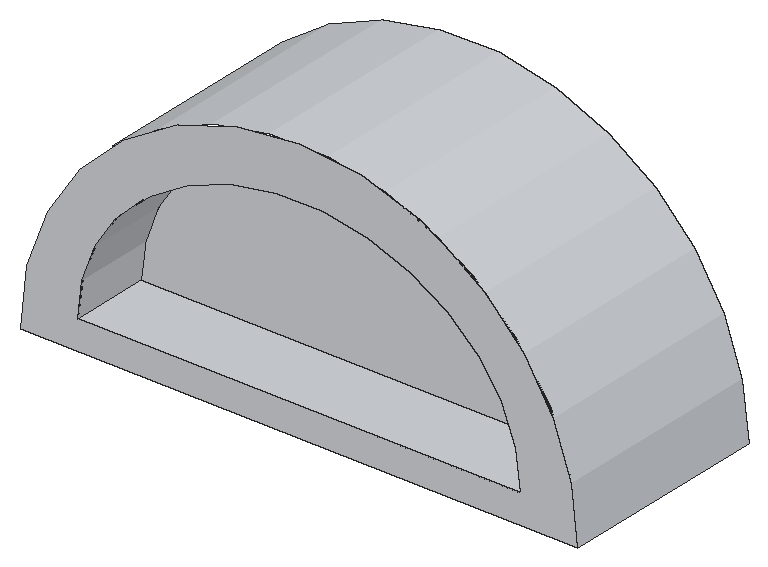
Revit family "S1H", category Lighting Fixtures, host Face, Revit 2025
Family settings
  Host = Face
  Round Connector Dimension = Use Diameter
  Part Type = Normal
  Cut with Voids When Loaded = No
  Light Source = No
  Maintain Annotation Orientation = No
  Shared = No
  Room Calculation Point = No
Parameters (values of type "RWSC-36L-5K-DO-U-PS")
  URL = "https://s3.amazonaws.com/iworq-upload/PLAINFIELD/601/8975494-McDonald%27s%20Lighting%20Cut%20Sheets.pdf"
  Model = "RWSC-36L-5K-DO-U-PS"
  Default Elevation = 48"
  C = 9"
  B = 19"
  A = 7 1/4"
Reference planes (in)
  plane 1 "Center (Front/Back)": y = 0
  plane 2: z = 0
  plane 3 "Center (Left/Right)": x = 0
  plane 4: z = 7.25
  plane 5: x = -9.5
  plane 6: x = 9.5
Forms (in)
  Extrusion 1, solid
    sketch origin (0, -3.625, 2.42474) x (1, 0, 0) y (0, 0, -1)
      loop
        spline (-9.5, 2.42474) -> (-9.1763, 0.09537) -> (-8.22724, -2.07526) -> (-6.71751, -3.93922) -> (-4.75, -5.36949) -> (-2.45878, -6.26859) -> (0, -6.57526) -> (2.45878, -6.26859) -> (4.75, -5.36949) -> (6.71751, -3.93922) -> (8.22724, -2.07526) -> (9.1763, 0.09537) -> (9.5, 2.42474)
        line (9.5, 2.42474) -> (-9.5, 2.42474)
    from 0 to 7.25
  Extrusion 2, void
    sketch origin (0, -3.625, 2.42474) x (-1, 0, 0) y (0, 0, -1)
      loop
        spline (-7.54637, 1.42474) -> (-7.28924, -0.19288) -> (-6.53535, -1.70026) -> (-5.33609, -2.99468) -> (-3.77319, -3.98792) -> (-1.95314, -4.6123) -> (0, -4.82526) -> (1.95314, -4.6123) -> (3.77319, -3.98792) -> (5.33609, -2.99468) -> (6.53535, -1.70026) -> (7.28924, -0.19288) -> (7.54637, 1.42474)
        line (7.54637, 1.42474) -> (-7.54637, 1.42474)
    from 0 to -2.69957
Cuts and joins
  Extrusion 2 cuts Extrusion 1
Dimensions and locks (in)
  "A": plane 4 to plane 2
  plane 5 to plane 6 = 19"
  "B": plane 5 to plane 6
  "C": Extrusion 1 sketch curve to Extrusion 1 sketch curve
  aligned and locked: plane 2 to host face
  aligned and locked: level to host face
  aligned and locked: plane 6 to Extrusion 1 sketch curve
  aligned and locked: plane 5 to Extrusion 1 sketch curve
Automatic sketch dimensions
  host sketch curve to host sketch curve = 96"  (x2)
  Extrusion 1 sketch curve to level = 0"
  Extrusion 1 to Extrusion 2 sketch curve = 1"
  Extrusion 2 sketch curve to Extrusion 2 sketch curve = 15.09275"
Connectors (in)
  electrical at (0, 0, 0)
    settings: on Extrusion 1, index 1, voltage 0 V, apparent load 0 VA, apparent load phase1 0 VA, apparent load phase2 0 VA, apparent load phase3 0 VA, power factor 1, load classification "Other", number of poles 1, system type 31, power factor state 1, is connector primary yes, connector utility no, sub classification motor no, connector description ""
